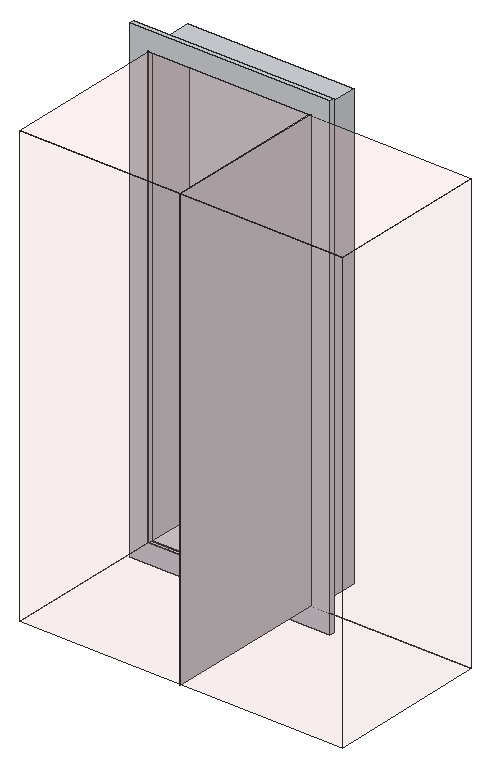
Revit family "Hager-VOLTA-Hollow_wall-IP30-With_Cover-With_DIN-NoHosted-AT-de", category Electrical Equipment, Revit 2023
Family settings
  Panel Configuration = Two Columns, Circuits Across
  Round Connector Dimension = Use Diameter
  Part Type = Panelboard
  Work Plane-Based = Yes
  Always vertical = Yes
  Cut with Voids When Loaded = No
  Maintain Annotation Orientation = No
  Shared = No
  Room Calculation Point = No
Parameters (values of type "VOLTA-Hollow_wall_W348_H880_D98_12_Modular_Spacing-VH60NWB")
  Width Control [instance] = if([HG000006-Unterputz], if([EF000846 - Einbaubreite] > min_whd, [EF000846 - Einbaubreite], min_whd), if([EF000008 - Breite] > min_whd, ([EF000008 - Breite]), min_whd))  # 314.5 mm
  Void Depth [instance] = if([EF000218 - Einbautiefe] > 1 mm, [EF000218 - Einbautiefe], 1 mm)  # 89 mm
  Uniformat code = "D501001"
  Uniformat = "Low Tension Service & Dist."
  Référence = ""
  HGEF0002950-Breite in Teilungseinheiten = 12
  HGEF000266-Anzahl der Reihen = 0
  HG000131 - Functional label [instance] = ""
  HG000130 - Functional name [instance] = ""
  HG000099-Onfly Template ID-de-AT = "507532"
  HG000059-Operating voltage-de-AT [instance] = 230 V
  HG000017-Distanz zwischen den Polen = 18 mm
  HG000016-3D-Türsichtbarkeit = yes
  HG000015-Sichtbarkeit der Türöffnung = yes
  HG000014-Tür rechts = yes
  HG000013-Tür links = no
  HG000012-Türschwenkwinkel = 90.00°
  HG000011-Leere Reihen von unten = no
  HG000010-Asymmetrische Türen = no
  HG000009-Doppelflügeligen Tür = no
  HG000008-Anzahl der leeren Reihen = 0
  HG000007-Anzahl der leeren Spalten = 0
  HG000006-Unterputz = yes
  HG000005-Dicke = 2 mm
  HG000004-Herstellerreferenz = "VH60NWB"
  HG000003-Bereich = "VOLTA"
  HG000002-Mit tür = yes
  HG000001-Anzahl der Spalten = 0
  ETIM class name = "Small distribution board"
  ETIM class code = "EC000214"
  EF015941 - Signaldurchlassende Tür = no
  EF015777 - Neutralleiterklemmenblock = no
  EF015776 - Erdungsklemmenblock = no
  EF009212 - Ausführung Deckel = "mit Ausschnitt"
  EF006306 - Mit Schloss = no
  EF006244 - Transparenter Deckel/Tür = no
  EF005474 - Schutzart (IP) = "IP30"
  EF004464 - Art der Tür = ""
  EF004462 - Art der Schließung = "sonstige"
  EF002950 - Breite in Teilungseinheiten = 12
  EF001596 - Werkstoff des Gehäuses = ""
  EF001134 - DIN-Schiene = yes
  EF001131 - Innentiefe = 0 mm
  EF001088 - Anbaumöglichkeit = yes
  EF001062 - EMV-Ausführung = no
  EF000846 - Einbaubreite = 314.5 mm
  EF000339 - Art der Abdeckung = ""
  EF000332 - Einbauhöhe = 845 mm
  EF000266 - Anzahl der Reihen = 0
  EF000218 - Einbautiefe = 89 mm
  EF000118 - Mit Montageplatte = yes
  EF000116 - RAL-Nummer = 9010
  EF000049 - Tiefe = 98 mm
  EF000040 - Höhe = 880 mm
  EF000024 - UV-beständig = no
  EF000008 - Breite = 348 mm
  EF000007 - Farbe = "weiß"
  EF000003 - Montageart = "Hohlwand"
  Type Comments = ""
  System Height [instance] = Height Control - 2 * [HG000005-Dicke]  # 841 mm
  Reference description = ""
  Reference = "VOLTA-Hollow_wall_W348_H880_D98_12_Modular_Spacing-VH60NWB"
  Panel Name [instance] = ""  # (empty or 0)
  Offset [instance] = 0 mm
  Object type = ""
  Name hager = "ADD_Enclosures_EC000214"
  Name BIM&CO = "Electricity"
  Name = "VOLTA-Hollow_wall-IP30-With_Cover-With_DIN-AT"
  Model = ""
  Level Offset [instance] = [Flush Mounted - Door Frame Width] + Offset  # 35 mm
  HG000060-RAL-number = "9010"
  GTIN (Global Trade Item Number) = ""
  Description = ""
  Default Elevation = 1200 mm
  Creation Date = "12/15/2025 21:42:07"
  Code hager = "ADD-EC000214_EU"
  Code Uniformat = ""
  BIM&CO code = ""
  BC_VARIANT_ID = "1174060"
  BC_OBJECT_VERSION = "#3"  # constant formula
  BC_OBJECT_ID = "513457"  # constant formula
  BC_MODEL_ID = "1547066"  # constant formula
  BC_METADATA = "{\"ObjectGuid\":\"bc35c96e-cb38-443e-833d-0616858cb9ac\",\"ModelGuid\":\"8af03f69-2293-4735-a617-cc53adf55621\",\"VariantGuid\":\"8b6e323b-1b53-409a-a940-11b5a7fc5337\",\"Revision\":\"#4\",\"VariantName\":\"Template-Enclosure_EU-EC000214\"}"
  Arrow Offset [instance] = Depth Control / 8  # 11.125 mm
  Arrow Height [instance] = Depth Control - Arrow Offset  # 77.875 mm
  Host Offset [instance] = if([HG000006-Unterputz], 0 mm, [EF000049 - Tiefe])  # 0 mm
  min_whd [instance] = (2 * [HG000005-Dicke]) + 1 mm  # 5 mm
  Manufacturer = "Hager"  # constant formula
  Height Control [instance] = if([HG000006-Unterputz], if([EF000332 - Einbauhöhe] > min_whd, [EF000332 - Einbauhöhe], min_whd), if([EF000040 - Höhe] > min_whd, ([EF000040 - Höhe]), min_whd))  # 845 mm
  Flush Mounted - Door Frame Width [instance] = if(([EF000040 - Höhe] - [EF000332 - Einbauhöhe]) > 0 mm, if([HG000006-Unterputz], [EF000040 - Höhe] - [EF000332 - Einbauhöhe], 0 mm), 0 mm)  # 35 mm
  Depth Control [instance] = if([HG000006-Unterputz], if([EF000218 - Einbautiefe] > 0 mm, [EF000218 - Einbautiefe], 1 mm), if([EF000049 - Tiefe] > 0 mm, ([EF000049 - Tiefe]), 1 mm))  # 89 mm
Types (13, lengths in mm): name | HGEF000266-Anzahl der Reihen | HG000011-Leere Reihen von unten | HG000008-Anzahl der leeren Reihen | HG000004-Herstellerreferenz | HG000001-Anzahl der Spalten | EF015777 - Neutralleiterklemmenblock | EF015776 - Erdungsklemmenblock | EF009212 - Ausführung Deckel | EF004462 - Art der Schließung | EF001088 - Anbaumöglichkeit | EF000332 - Einbauhöhe | EF000266 - Anzahl der Reihen | EF000118 - Mit Montageplatte | EF000040 - Höhe | EF000007 - Farbe | System Height | Reference | Level Offset | BC_VARIANT_ID | Height Control | Flush Mounted - Door Frame Width
  VOLTA-Hollow_wall_W348_H356_D98_12_Modular_Spacing-VH12AT | 1 | no | 0 | "VH12AT" | 1 | yes | yes | "mit Ausschnitt" | "sonstige" | yes | 321 | 1 | no | 356 | "weiß" | 317 | "VOLTA-Hollow_wall_W348_H356_D98_12_Modular_Spacing-VH12AT" | 35 | "1174048" | 321 | 35
  VOLTA-Hollow_wall_W348_H505_D98_12_Modular_Spacing-VH24AT | 2 | no | 0 | "VH24AT" | 1 | yes | yes | "mit Ausschnitt" | "sonstige" | yes | 470 | 2 | no | 505 | "weiß" | 466 | "VOLTA-Hollow_wall_W348_H505_D98_12_Modular_Spacing-VH24AT" | 35 | "1174049" | 470 | 35
  VOLTA-Hollow_wall_W348_H505_D98_12_Modular_Spacing-VH24NWB | 0 | no | 0 | "VH24NWB" | 0 | no | no | "mit Ausschnitt" | "sonstige" | yes | 470 | 0 | yes | 505 | "weiß" | 466 | "VOLTA-Hollow_wall_W348_H505_D98_12_Modular_Spacing-VH24NWB" | 35 | "1174050" | 470 | 35
  VOLTA-Hollow_wall_W348_H630_D98_12_Modular_Spacing-VH36AT | 3 | no | 0 | "VH36AT" | 1 | yes | yes | "mit Ausschnitt" | "sonstige" | yes | 595 | 3 | no | 630 | "weiß" | 591 | "VOLTA-Hollow_wall_W348_H630_D98_12_Modular_Spacing-VH36AT" | 35 | "1174051" | 595 | 35
  VOLTA-Hollow_wall_W348_H630_D98_12_Modular_Spacing-VH36NWB | 0 | no | 0 | "VH36NWB" | 0 | no | no | "mit Ausschnitt" | "sonstige" | yes | 595 | 0 | yes | 630 | "weiß" | 591 | "VOLTA-Hollow_wall_W348_H630_D98_12_Modular_Spacing-VH36NWB" | 35 | "1174052" | 595 | 35
  VOLTA-Hollow_wall_W348_H755_D98_12_Modular_Spacing-VH48AT | 4 | no | 0 | "VH48AT" | 1 | yes | yes | "mit Ausschnitt" | "sonstige" | yes | 720 | 4 | no | 755 | "weiß" | 716 | "VOLTA-Hollow_wall_W348_H755_D98_12_Modular_Spacing-VH48AT" | 35 | "1174053" | 720 | 35
  VOLTA-Hollow_wall_W348_H755_D98_12_Modular_Spacing-VH48NWB | 0 | no | 0 | "VH48NWB" | 0 | no | no | "mit Ausschnitt" | "sonstige" | yes | 720 | 0 | yes | 755 | "weiß" | 716 | "VOLTA-Hollow_wall_W348_H755_D98_12_Modular_Spacing-VH48NWB" | 35 | "1174054" | 720 | 35
  VOLTA-Hollow_wall_W348_H880_D98_12_Modular_Spacing-VH602NWH | 6 | yes | 4 | "VH602NWH" | 1 | no | no | "" | "" | no | 846 | 6 | no | 880 | "" | 842 | "VOLTA-Hollow_wall_W348_H880_D98_12_Modular_Spacing-VH602NWH" | 34 | "1174055" | 846 | 34
  VOLTA-Hollow_wall_W348_H880_D98_12_Modular_Spacing-VH602WWH | 6 | yes | 4 | "VH602WWH" | 1 | no | no | "" | "" | no | 846 | 6 | no | 880 | "" | 842 | "VOLTA-Hollow_wall_W348_H880_D98_12_Modular_Spacing-VH602WWH" | 34 | "1174056" | 846 | 34
  VOLTA-Hollow_wall_W348_H880_D98_12_Modular_Spacing-VH603NWH | 6 | yes | 3 | "VH603NWH" | 1 | no | no | "" | "" | no | 846 | 6 | no | 880 | "" | 842 | "VOLTA-Hollow_wall_W348_H880_D98_12_Modular_Spacing-VH603NWH" | 34 | "1174057" | 846 | 34
  VOLTA-Hollow_wall_W348_H880_D98_12_Modular_Spacing-VH603WWH | 6 | yes | 3 | "VH603WWH" | 1 | no | no | "" | "" | no | 846 | 6 | no | 880 | "" | 842 | "VOLTA-Hollow_wall_W348_H880_D98_12_Modular_Spacing-VH603WWH" | 34 | "1174058" | 846 | 34
  VOLTA-Hollow_wall_W348_H880_D98_12_Modular_Spacing-VH60AT | 5 | no | 0 | "VH60AT" | 1 | yes | yes | "mit Ausschnitt" | "sonstige" | yes | 845 | 5 | no | 880 | "weiß" | 841 | "VOLTA-Hollow_wall_W348_H880_D98_12_Modular_Spacing-VH60AT" | 35 | "1174059" | 845 | 35
  VOLTA-Hollow_wall_W348_H880_D98_12_Modular_Spacing-VH60NWB | 0 | no | 0 | "VH60NWB" | 0 | no | no | "mit Ausschnitt" | "sonstige" | yes | 845 | 0 | yes | 880 | "weiß" | 841 | "VOLTA-Hollow_wall_W348_H880_D98_12_Modular_Spacing-VH60NWB" | 35 | "1174060" | 845 | 35
Reference planes
  plane 1 "Center (Front/Back)": y = 0
  plane 2: z = 0
  plane 3 "Center (Left/Right)": x = 0
  plane 4: y = 37
  plane 5: y = 89
  plane 6: y = 35
  plane 7: z = 0
  plane 8: x = -157.25
  plane 9: x = 157.25
  plane 10: x = 155.25
  plane 11: x = -155.25
  plane 12: z = 35
  plane 13: z = 37
  plane 14: y = 5
  plane 15: y = 0
  plane 16: y = 87
  plane 17: z = 878
  plane 18: z = 880
  plane 19: z = 457.5
  plane 20: x = 0
  plane 21: y = -100
  plane 22 "Annotation H": y = -300
  plane 23 "Annotation V": x = 357.25
Forms (mm)
  Extrusion 1, solid
    sketch origin (-208.679, -4572, 35) x (-1, 0, 0) y (0, -1, 0)
      loop
        line (-51.429, -4572) -> (-365.929, -4572) -> (-365.929, -4661) -> (-51.429, -4661) -> (-51.429, -4572)
    from 0 to 845 <- "Height Control"
  Extrusion 2, void
    sketch origin (-350.771, 0, 1219.2) x (1, 0, 0) y (0, 0, 1)
      loop
        line (195.521, -341.2) -> (195.521, -1182.2) -> (506.021, -1182.2) -> (506.021, -341.2) -> (195.521, -341.2)
    from 0 to -87
  Extrusion 3, solid, detail levels coarse+medium
    sketch origin (-350.771, 0, 1219.2) x (-1, 0, 0) y (0, 0, 1)
      loop
        line (-195.521, -341.2) -> (-506.021, -341.2) -> (-506.021, -1182.2) -> (-195.521, -1182.2) -> (-195.521, -341.2)
    from 0 to 2 <- "HG000005-Dicke"
Cuts and joins
  Extrusion 2 cuts Extrusion 1
Dimensions and locks
  "Flush Mounted - Door Frame Width": plane 1 "Center (Front/Back)" to plane 6
  "HG000005-Dicke": plane 4 to plane 6
  "HG000005-Dicke": plane 8 to plane 11
  "HG000005-Dicke": plane 9 to plane 10
  equal spacing: plane 8, plane 3 "Center (Left/Right)", plane 9
  "Width Control": plane 8 to plane 9
  locked: plane 14 to plane 15 at 5
  "Host Offset": plane 1 "Center (Front/Back)" to plane 15
  "Depth Control": plane 5 to plane 15
  "HG000005-Dicke": plane 5 to plane 16
  "HG000005-Dicke": plane 13 to plane 12
  "Level Offset": plane 12 to level
  "HG000005-Dicke": plane 18 to plane 17
  "Height Control": plane 18 to plane 12
  "Arrow Offset": plane 5 to nested 4
  equal spacing: plane 18, plane 19, plane 12
  locked: connector elem to plane 19
  locked: connector elem to plane 3 "Center (Left/Right)"
  Extrusion 2 sketch curve to Extrusion 2 sketch curve to plane 9 = 310.5 mm, 2 mm
  locked: plane 9 to plane 23 "Annotation V" at 200
  locked: plane 22 "Annotation H" to plane 1 "Center (Front/Back)" at 300
  aligned and locked: nested 1 to plane 14
  aligned and locked: plane 3 "Center (Left/Right)" to nested 1
  aligned and locked: plane 3 "Center (Left/Right)" to nested 2
  aligned and locked: nested 2 to plane 15
  aligned and locked: plane 5 to Extrusion 1
  aligned and locked: Extrusion 3 sketch curve to plane 17
  aligned and locked: Extrusion 3 sketch curve to plane 11
  aligned and locked: plane 13 to Extrusion 3 sketch curve
  aligned and locked: Extrusion 3 sketch curve to plane 10
  aligned and locked: plane 13 to Extrusion 2 sketch curve
  aligned and locked: Extrusion 2 sketch curve to plane 17
  aligned and locked: plane 16 to Extrusion 2
  aligned and locked: plane 5 to Extrusion 1 sketch curve
  aligned and locked: plane 9 to Extrusion 1 sketch curve
  aligned and locked: plane 8 to Extrusion 1 sketch curve
  aligned and locked: plane 8 to nested 4
  aligned and locked: plane 8 to nested 3
  aligned and locked: nested 3 to plane 5
  aligned and locked: Extrusion 1 sketch curve to plane 15
  aligned and locked: Extrusion 2 to plane 15
  aligned and locked: nested 5 to plane 22 "Annotation H"
  aligned and locked: plane 23 "Annotation V" to nested 5
  aligned and locked: plane 11 to Extrusion 2
  aligned and locked: plane 10 to Extrusion 2
Nested families
  nested 1: "Hager_Enclosure_System" at (0, 5, 37), Height <- "System Height", Width_Control <- "Width Control", Built-in_Width <- "EF000846 - Einbaubreite", Width <- "EF000008 - Breite", Depth <- "HG000005-Dicke", Border <- "HG000005-Dicke", Distance_Between_Poles <- "HG000017-Distanz zwischen den Polen", Flush_Mounted <- "HG000006-Unterputz", Empty_Columns <- "HG000007-Anzahl der leeren Spalten", Total_No_Empty_Rows <- "HG000008-Anzahl der leeren Reihen", Empty_Rows_From_Bottom <- "HG000011-Leere Reihen von unten", Columns_Count <- "HG000001-Anzahl der Spalten", Rows_Count <- "HGEF000266-Anzahl der Reihen", Row_Module_Multiplicator <- "HGEF0002950-Breite in Teilungseinheiten", type "Hager_Enclosure_System", detail levels medium+fine
    with Width_Control 314.5 mm, Width 348 mm, Total_No_Rows 0, Total_No_Empty_Rows 0, Total_No_Columns 1, System_Width 310.5 mm, Rows_Count 0, Rows_Column 0, Row_Module_Multiplicator 12, Panel_4 no, Panel_3 no, Panel_2 no, Panel_1 no, No_Panels_Ctrl 1, Hide_Columns yes, Height 841 mm, Flush_Mounted yes, Empty_Rows_From_Bottom no, Empty_Rows_Column 0, Empty_Columns 0, Empty column 4 0, Empty column 3 0, Empty column 2 0, Empty column 1 0, Distance_Between_Poles 18 mm, Depth 2 mm, Columns_Count 0, Column_Width 310.5 mm, Built-in_Width 314.5 mm, Border 2 mm
  nested 2: "Hager_Enclosure_Door" at (0, 0, 35), Height_Ctrl <- "Height Control", Width_Ctrl <- "Width Control", BuiltIn_Depth <- "EF000218 - Einbautiefe", Depth <- "EF000049 - Tiefe", BuiltIn_Width <- "EF000846 - Einbaubreite", Height <- "EF000040 - Höhe", BuiltIn_Height <- "EF000332 - Einbauhöhe", Width <- "EF000008 - Breite", Transparent <- "EF006244 - Transparenter Deckel/Tür", Border <- "HG000005-Dicke", Door <- "HG000002-Mit tür", Flush_Mounted <- "HG000006-Unterputz", Double <- "HG000009-Doppelflügeligen Tür", Assymetrical <- "HG000010-Asymmetrische Türen", Angle <- "HG000012-Türschwenkwinkel", Door_Left <- "HG000013-Tür links", Door_Right <- "HG000014-Tür rechts", Clearance <- "HG000015-Sichtbarkeit der Türöffnung", 3d_Door <- "HG000016-3D-Türsichtbarkeit", type "Hager_Enclosure_Door", detail levels medium+fine
    with min_wh 5 mm, Width_Ctrl 314.5 mm, Width 348 mm, Transparent_Door_No_Bottom_Border no, Transparent no, Leaf_Width 307.5 mm, Leaf_Tolerance 1.5 mm, Leaf_Height 838 mm, Leaf_2_Width 307.5 mm, Leaf_2_Offset 153.75 mm, Leaf_1_Width 307.5 mm, Leaf_1_Offset 153.75 mm, Height_Ctrl 845 mm, Height 880 mm, Frame_Width_Ctrl 33.5 mm, Frame_Width 33.5 mm, Frame_Internal_Offset 2 mm, Frame_Height_Ctrl 35 mm, Frame_Height 35 mm, Frame_Depth_Ctrl 9 mm, Frame_Depth 9 mm, Flush_Mounted yes, Double_Clearance_Ctrl no, Double no, Door_Right_Ctrl yes, Door_Right yes, Door_Left_Ctrl no, Door_Left no, Door yes, Depth 98 mm, Clearance_Depth 307.5 mm, Clearance_Ctrl yes, Clearance yes, BuiltIn_Width 314.5 mm, BuiltIn_Height 845 mm, BuiltIn_Depth 89 mm, Border 2 mm, Assymetrical no, Angle 90.00°, 3d_Door yes
  nested 3: "Hager_Enclosure_Symbol_Triangle" at (-157.25, 89, 0), Depth <- "Depth Control", Width <- "Width Control", type "Hager_Enclosure_Symbol_Triangle"
    with Width_Ctrl 314.5 mm, Width 314.5 mm, Depth_Ctrl 89 mm, Depth 89 mm
  nested 4: "Hager_Enclosure_Symbol_Arrow" at (-157.25, 77.875, 0), Height <- "Arrow Height", type "Hager_Enclosure_Symbol_Arrow"
    with Width_Inside 5.841 mm, Width 70.087 mm, Height_Ctrl 77.875 mm, Height 77.875 mm
  nested 5: "Hager_Annotation-HG000130" at (357.25, -300, 0), HG000130 - Functional name <- "HG000130 - Functional name", type "Hager_Annotation-HG000130"
    with HG000130 - Functional name ""
Connectors
  electrical at (0, 89, 457.5), driven by "HG000059-Operating voltage-de-AT"
    settings: on plane 5, index 1, voltage 230 V, apparent load 0 VA, apparent load phase1 0 VA, apparent load phase2 0 VA, apparent load phase3 0 VA, power factor 1, load classification "Other", number of poles 1, system type 30, power factor state 1, is connector primary yes, connector utility no, sub classification motor no, connector description ""
Definition of nested family "Hager_Enclosure_Door"
  Parameters (values of type "Hager_Enclosure_Door")
    min_wh [instance] = (2 * Border) + 1 mm  # 11 mm
    Width_Ctrl [instance] = 400 mm
    Width [instance] = 500 mm
    Transparent_Door_No_Bottom_Border [instance] = no
    Transparent [instance] = yes
    Leaf_Width [instance] = if((Width_Ctrl - 2 * Border - 2 * Leaf_Tolerance) > 0 mm, (Width_Ctrl - 2 * Border - 2 * Leaf_Tolerance), min_wh)  # 387 mm
    Leaf_Tolerance [instance] = 1.5 mm  # constant formula
    Leaf_Height [instance] = if((Height_Ctrl - 2 * Border - 2 * Leaf_Tolerance) > 0 mm, (Height_Ctrl - 2 * Border - 2 * Leaf_Tolerance), min_wh)  # 387 mm
    Leaf_2_Width [instance] = if(and(and(Double, Assymetrical), Door_Left), (Leaf_Width / 3) - (Leaf_Tolerance / 2), if(and(and(Double, Assymetrical), Door_Right), (Leaf_Width / 3) * 2 - (Leaf_Tolerance / 2), if(and(Double, not(Assymetrical)), (Leaf_Width / 2) - Leaf_Tolerance, Leaf_Width)))  # 387 mm
    Leaf_2_Offset [instance] = if(and(Double, Assymetrical), Leaf_2_Width / 2, if(and(Double, not(Assymetrical)), Leaf_Width / 4, Leaf_Width / 2))  # 193.5 mm
    Leaf_1_Width [instance] = if(and(and(Double, Assymetrical), Door_Right), (Leaf_Width / 3) - (Leaf_Tolerance / 2), if(and(and(Double, Assymetrical), Door_Left), (Width / 3) * 2 - (Leaf_Tolerance / 2), if(and(Double, not(Assymetrical)), (Leaf_Width / 2) - Leaf_Tolerance, Leaf_Width)))  # 387 mm
    Leaf_1_Offset [instance] = if(and(Double, Assymetrical), Leaf_1_Width / 2, if(and(Double, not(Assymetrical)), Leaf_Width / 4, Leaf_Width / 2))  # 193.5 mm
    Height_Ctrl [instance] = 400 mm
    Height [instance] = 500 mm
    Frame_Width_Ctrl [instance] = if(Frame_Width > 0 mm, Frame_Width, 1 mm)  # 1 mm
    Frame_Width [instance] = Width - BuiltIn_Width  # 0 mm
    Frame_Internal_Offset [instance] = if(Flush_Mounted, Border, 0 mm)  # 5 mm
    Frame_Height_Ctrl [instance] = if(Frame_Height > 0 mm, Frame_Height, 1 mm)  # 1 mm
    Frame_Height [instance] = Height - BuiltIn_Height  # 0 mm
    Frame_Depth_Ctrl [instance] = if(Frame_Depth > 0 mm, Frame_Depth, 1 mm)  # 1 mm
    Frame_Depth [instance] = if(Depth - BuiltIn_Depth > 0 mm, if(Flush_Mounted, Depth - BuiltIn_Depth, 0 mm), 0 mm)  # 0 mm
    Flush_Mounted [instance] = yes
    Double_Clearance_Ctrl [instance] = and(Double, Clearance)  # no
    Double [instance] = no
    Door_Right_Ctrl [instance] = and(or(Door_Right, Double), Door)  # yes
    Door_Right [instance] = yes
    Door_Left_Ctrl [instance] = and(or(Door_Left, Double), Door)  # no
    Door_Left [instance] = no
    Door [instance] = yes
    Depth [instance] = 500 mm
    Default Elevation = 1219.2 mm
    Clearance_Material = none
    Clearance_Depth [instance] = if(Leaf_1_Width > Leaf_2_Width, Leaf_1_Width, Leaf_2_Width)  # 387 mm
    Clearance_Ctrl [instance] = and(not(Double), Clearance)  # yes
    Clearance [instance] = yes
    BuiltIn_Width [instance] = 500 mm
    BuiltIn_Height [instance] = 500 mm
    BuiltIn_Depth [instance] = 500 mm
    Border [instance] = 5 mm
    Assymetrical [instance] = yes
    Angle [instance] = 30.00°
    3d_Door [instance] = yes
  Reference planes
    plane 1 "Center (Front/Back)": y = 0
    plane 2 "Bottom": z = 0
    plane 3 "Center (Left/Right)": x = 0
    plane 4: z = 400
    plane 5: x = -200
    plane 6: x = 200
    plane 7: z = 395
    plane 8: x = -195
    plane 9: z = 5
    plane 10: x = 195
    plane 11: y = 0
    plane 12: z = 6.5
    plane 13: x = -582
    plane 14: y = -387
    plane 15: x = 582
    plane 16: x = 0
    plane 17: x = 0
    plane 18: x = -193.5
    plane 19: x = 193.5
    plane 20: z = 393.5
  Forms (mm)
    Extrusion 1, solid, visible <- "Flush_Mounted"
      sketch origin (0, 0, 0) x (1, 0, 0) y (0, 0, 1)
        loop
          line (195, 5) -> (195, 395) -> (-195, 395) -> (-195, 5) -> (195, 5)
        loop
          line (-201, 401) -> (-201, -1) -> (201, -1) -> (201, 401) -> (-201, 401)
      from 0 to 1 <- "Frame_Depth_Ctrl"
    Extrusion 2, solid, material <- "Clearance_Material", visible <- "Double_Clearance_Ctrl"
      sketch origin (1200, 0, 0) x (1, 0, 0) y (0, 0, -1)
        loop
          line (-1782, -393.5) -> (-618, -393.5) -> (-618, 0) -> (-1782, 0) -> (-1782, -393.5)
      from 0 to -387
  Dimensions and locks
    equal spacing: plane 5, plane 3 "Center (Left/Right)", plane 6
    "Width_Ctrl": plane 5 to plane 6
    "Border": plane 5 to plane 8
    "Border": plane 6 to plane 10
    "Border": plane 9 to level
    "Border": plane 4 to plane 7
    "Height_Ctrl": plane 4 to level
    "Leaf_Tolerance": plane 12 to plane 9
    "Frame_Depth": plane 11 to plane 1 "Center (Front/Back)"
    "Frame_Width_Ctrl": plane 5 to Extrusion 1 sketch curve
    "Frame_Width_Ctrl": plane 6 to Extrusion 1 sketch curve
    "Frame_Width_Ctrl": Extrusion 1 sketch curve to plane 4
    "Frame_Width_Ctrl": plane 2 "Bottom" to Extrusion 1 sketch curve
    "Leaf_1_Offset": plane 18 to plane 16
    "Leaf_2_Offset": plane 17 to plane 19
    "Leaf_1_Width": plane 13 to plane 8
    "Leaf_2_Width": plane 10 to plane 15
    "Clearance_Depth": plane 14 to plane 1 "Center (Front/Back)"
    "Leaf_Tolerance": plane 8 to plane 18
    "Leaf_Tolerance": plane 19 to plane 10
    "Leaf_Tolerance": plane 7 to plane 20
    "Frame_Internal_Offset": plane 5 to Extrusion 1 sketch curve
    "Frame_Internal_Offset": Extrusion 1 sketch curve to plane 2 "Bottom"
    "Frame_Internal_Offset": plane 6 to Extrusion 1 sketch curve
    "Frame_Internal_Offset": plane 4 to Extrusion 1 sketch curve
    aligned and locked: level to plane 2 "Bottom"
    aligned and locked: nested 1 to plane 16
    aligned and locked: nested 2 to plane 17
    aligned and locked: Extrusion 2 to plane 13
    aligned and locked: plane 15 to Extrusion 2
    aligned and locked: Extrusion 2 to plane 14
    aligned and locked: plane 12 to nested 1
    aligned and locked: nested 2 to plane 12
    aligned and locked: Extrusion 2 to plane 11
    aligned and locked: plane 20 to Extrusion 2
    aligned and locked: nested 2 to plane 11
    aligned and locked: nested 1 to plane 11
  Automatic sketch dimensions
    Extrusion 2 sketch curve to level = 0 mm
    plane 5 to Extrusion 2 sketch curve = 382 mm
    plane 6 to Extrusion 2 sketch curve = 382 mm
    Extrusion 2 sketch curve to plane 4 = 6.5 mm
  Nested families
    nested 1: "Hager_Enclosure_Door_Leaf" at (0, 0, 6.5), Width <- "Leaf_1_Width", visible <- "Door_Left_Ctrl", Leaf_Height <- "Leaf_Height", Angle <- "Angle", Depth <- "Border", 3d_Door <- "3d_Door", Transparent <- "Transparent", Clearance Material <- "Clearance_Material", Clearance <- "Clearance_Ctrl", Transparent_Door_No_Bottom_Border <- "Transparent_Door_No_Bottom_Border", type "Hager_Enclosure_Door_Leaf"
      with Width 387 mm, Transparent_Door_No_Bottom_Border no, Transparent_Door_Border_Bottom_Top 25 mm, Transparent_Door_Border 25 mm, Transparent_Ctrl yes, Transparent yes, Standard no, Leaf_Height 387 mm, Glass_Offset 1 mm, Depth 5 mm, Clearance Material none, Clearance yes, Angle_Ctrl 30.00°, Angle 30.00°, 3d_Door yes
    nested 2: "Hager_Enclosure_Door_Leaf" at (0, 0, 6.5) x (-1, 0, 0) z (0, 0, 1), Width <- "Leaf_2_Width", visible <- "Door_Right_Ctrl", Leaf_Height <- "Leaf_Height", Angle <- "Angle", Depth <- "Border", 3d_Door <- "3d_Door", Transparent <- "Transparent", Clearance Material <- "Clearance_Material", Clearance <- "Clearance_Ctrl", Transparent_Door_No_Bottom_Border <- "Transparent_Door_No_Bottom_Border", type "Hager_Enclosure_Door_Leaf"
      with Width 387 mm, Transparent_Door_No_Bottom_Border no, Transparent_Door_Border_Bottom_Top 25 mm, Transparent_Door_Border 25 mm, Transparent_Ctrl yes, Transparent yes, Standard no, Leaf_Height 387 mm, Glass_Offset 1 mm, Depth 5 mm, Clearance Material none, Clearance yes, Angle_Ctrl 30.00°, Angle 30.00°, 3d_Door yes
  Definition of nested family "Hager_Enclosure_Door_Leaf"
    Parameters (values of type "Hager_Enclosure_Door_Leaf")
      Width [instance] = 2000 mm
      Transparent_Door_No_Bottom_Border [instance] = yes
      Transparent_Door_Border_Bottom_Top [instance] = if(Transparent_Door_No_Bottom_Border, 0.1 mm, Transparent_Door_Border)  # 0.1 mm
      Transparent_Door_Border [instance] = if(Transparent_Door_No_Bottom_Border, (Width * 0.12), 25 mm)  # 240 mm
      Transparent_Ctrl [instance] = and(Transparent, [3d_Door])  # yes
      Transparent [instance] = yes
      Standard [instance] = and(not(Transparent), [3d_Door])  # no
      Leaf_Height [instance] = 2720.336 mm
      Glass_Offset [instance] = if((Depth - 10 mm) / 2 > 0 mm, (Depth - 10 mm) / 2, 1 mm)  # 15 mm
      Glass_Material = none
      Depth [instance] = 40 mm
      Default Elevation = 0 mm
      Clearance Material [instance] = none
      Clearance [instance] = yes
      Angle_Ctrl [instance] = if(Angle > 170.00°, 170.00°, Angle)  # 45.00°
      Angle [instance] = 45.00°
      3d_Door [instance] = yes
    Reference planes
      plane 1 "Center (Front/Back)": y = 0
      plane 2: z = 0
      plane 3 "Center (Left/Right)": x = 0
      plane 4: y = 2000
      plane 5: x = -1000
      plane 6: x = 1000
      plane 7: x = -3000
      plane 8: z = 2720.336
      plane 9: z = 0.1
      plane 10: z = 2720.236
      plane 11: x = 760
      plane 12: x = -760
    Forms (mm)
      Extrusion 1, solid, material <- "Clearance Material", visible <- "Clearance"
        sketch origin (0, 0, 0) x (1, 0, 0) y (0, 0, 1)
          loop
            line (-3000, 2720.336) -> (-3000, 0) -> (1000, 0) -> (1000, 2720.336) -> (-3000, 2720.336)
        from 0 to -2000
      Extrusion 2, solid, visible <- "Standard", detail levels medium+fine
        sketch origin (-1000, 0, 0) x (0.707107, 0.707107, 0) y (-0.707107, 0.707107, 0)
          loop
            line (0, -40) -> (2000, -40) -> (2000, 0) -> (0, 0) -> (0, -40)
        from 0 to 2720.336 <- "Leaf_Height"
      Extrusion 3, solid, visible <- "Transparent_Ctrl", detail levels medium+fine
        sketch origin (-1000, 0, 0) x (0.707107, 0.707107, 0) y (-0.707107, 0.707107, 0)
          loop
            line (0, -40) -> (2000, -40) -> (2000, 0) -> (0, 0) -> (0, -40)
        from 0 to 2720.336 <- "Leaf_Height"
      Extrusion 4, void, detail levels medium+fine
        sketch origin (-1000, 0, 0) x (-0.707107, 0.707107, 0) y (0.707107, 0.707107, 0)
          loop
            line (0, 240) -> (0, 1760) -> (-40, 1760) -> (-40, 240) -> (0, 240)
        from -2720.236 to -0.1
      Extrusion 5, solid, material <- "Glass_Material", visible <- "Transparent_Ctrl", detail levels medium+fine
        sketch origin (-1000, 0, 0) x (0.707107, 0.707107, 0) y (-0.707107, 0.707107, 0)
          loop
            line (240, -15) -> (240, -25) -> (1760, -25) -> (1760, -15) -> (240, -15)
        from 0.1 to 2720.236
    Cuts and joins
      Extrusion 4 cuts Extrusion 3
    Lines and regions (mm)
      symbolic lines
        curve 1: line (1000, 0, 0) -> (-3000, 0, 0)
        curve 2: arc (1000, 0, 0) -> (-1000, 2000, 0) -> (-3000, 0, 0) r 2000
        curve 4: line (-1000, 0, 0) -> (414.214, 1414.214, 0)
      reference lines
        curve 3: line (-1000, 0, 0) -> (414.214, 1414.214, 0)
      symbolic lines, detail levels medium+fine
        curve 5: line (414.214, 1414.214, 0) -> (442.498, 1385.929, 0)
        curve 6: line (442.498, 1385.929, 0) -> (-971.716, -28.284, 0)
        curve 7: line (-971.716, -28.284, 0) -> (-1000, 0, 0)
        curve 8: line (-1000, 0, 2720.336) -> (1000, 0, 2720.336)
        curve 9: line (-1000, 0, 0) -> (-1000, 0, 2720.336)
        curve 10: line (1000, 0, 0) -> (-1000, 0, 0)
        curve 11: line (1000, 0, 2720.336) -> (1000, 0, 0)
      symbolic lines, visible <- "Transparent_Ctrl", detail levels medium+fine
        curve 12: line (-760, 0, 2720.236) -> (760, 0, 2720.236)
        curve 13: line (-760, 0, 0.1) -> (-760, 0, 2720.236)
        curve 14: line (760, 0, 0.1) -> (-760, 0, 0.1)
        curve 15: line (760, 0, 2720.236) -> (760, 0, 0.1)
    Dimensions and locks
      "Width": plane 1 "Center (Front/Back)" to plane 4
      equal spacing: plane 5, plane 3 "Center (Left/Right)", plane 6
      "Width": plane 5 to plane 6
      "Width": plane 7 to plane 5
      "Leaf_Height": plane 8 to level
      "Depth": curve 6 to curve 3
      "Width": curve 5 to curve 3
      "Width": curve 3 to curve 3
      "Transparent_Door_Border": Extrusion 4 sketch curve to curve 7
      "Transparent_Door_Border": Extrusion 4 sketch curve to curve 5
      "Transparent_Door_Border_Bottom_Top": plane 8 to plane 10
      "Transparent_Door_Border_Bottom_Top": plane 9 to level
      "Glass_Offset": Extrusion 5 sketch curve to curve 4
      "Glass_Offset": Extrusion 5 sketch curve to curve 6
      "Transparent_Door_Border": Extrusion 5 sketch curve to curve 5
      "Transparent_Door_Border": Extrusion 5 sketch curve to curve 7
      "Transparent_Door_Border": plane 12 to plane 5
      "Transparent_Door_Border": plane 6 to plane 11
      "Angle_Ctrl": angle plane 1 "Center (Front/Back)" to curve 3
      aligned and locked: level to plane 2
      aligned and locked: Extrusion 1 to curve 1
      aligned and locked: plane 6 to Extrusion 1
      aligned and locked: Extrusion 1 to plane 1 "Center (Front/Back)"
      aligned and locked: plane 4 to Extrusion 1
      aligned and locked: plane 8 to Extrusion 1
      aligned and locked: curve 4 to curve 3
      aligned and locked: Extrusion 2 sketch curve to curve 7
      aligned and locked: Extrusion 2 sketch curve to curve 6
      aligned and locked: Extrusion 2 sketch curve to curve 5
      aligned and locked: Extrusion 2 sketch curve to curve 3
      aligned and locked: curve 7 to Extrusion 3 sketch curve
      aligned and locked: Extrusion 3 sketch curve to curve 4
      aligned and locked: Extrusion 3 sketch curve to curve 6
      aligned and locked: Extrusion 3 sketch curve to curve 5
      aligned and locked: curve 4 to Extrusion 4 sketch curve
      aligned and locked: curve 6 to Extrusion 4 sketch curve
      aligned and locked: Extrusion 4 to plane 9
      aligned and locked: Extrusion 4 to plane 10
      aligned and locked: Extrusion 5 to plane 9
      aligned and locked: Extrusion 5 to plane 10
      aligned and locked: curve 8 to plane 8
      aligned and locked: plane 5 to curve 9
      aligned and locked: plane 2 to curve 10
      aligned and locked: curve 11 to plane 6
      aligned and locked: plane 10 to curve 12
      aligned and locked: plane 12 to curve 13
      aligned and locked: curve 14 to plane 9
      aligned and locked: plane 11 to curve 15
    Automatic sketch dimensions
      plane 1 "Center (Front/Back)" to curve 2 = 0 mm
      curve 2 to plane 5 = 0 mm
      Extrusion 1 sketch curve to level = 0 mm
      Extrusion 1 sketch curve to plane 7 = 0 mm
      Extrusion 1 sketch curve to plane 6 = 0 mm
      Extrusion 1 sketch curve to plane 8 = 0 mm
      plane 1 "Center (Front/Back)" to curve 3 = 0 mm
      curve 3 to plane 5 = 0 mm
      curve 7 to curve 3 = 0 mm
Definition of nested family "Hager_Enclosure_Symbol_Triangle"
  Parameters (values of type "Hager_Enclosure_Symbol_Triangle")
    Width_Ctrl [instance] = if(Width > 1 mm, Width, 1 mm)  # 498 mm
    Width [instance] = 498 mm
    Depth_Ctrl [instance] = if(Depth > 1 mm, Depth, 1 mm)  # 72 mm
    Depth [instance] = 72 mm
  Reference planes
    plane 1 "Centre (avant/arrière)": y = 0
    plane 2: z = 0
    plane 3 "Centre (gauche/droite)": x = 0
  Lines and regions (mm)
    Filled region 1, type "Solid_Black", in view "Niveau de réf."
      outline origin (0, 0, 0) x (1, 0, 0) y (0, 1, 0)
        loop
          line (0, 0) -> (498, 0) -> (498, 72) -> (0, 0)
    reference lines, in view "Niveau de réf."
      curve 1: line (-206.153, 72, 0) -> (1083.258, 72, 0)
      curve 2: line (498, 405.456, 0) -> (498, -517.619, 0)
  Dimensions and locks
    "Depth_Ctrl": plane 1 "Centre (avant/arrière)" to curve 1
    "Width_Ctrl": plane 3 "Centre (gauche/droite)" to curve 2
    aligned and locked: curve 1 to Filled region 1 sketch curve
    aligned and locked: Filled region 1 sketch curve to plane 1 "Centre (avant/arrière)"
    aligned and locked: curve 2 to Filled region 1 sketch curve
    aligned and locked: plane 3 "Centre (gauche/droite)" to Filled region 1 sketch curve
    aligned and locked: plane 1 "Centre (avant/arrière)" to Filled region 1 sketch curve
  Automatic sketch dimensions
    curve 1 to plane 3 "Centre (gauche/droite)" = 206.153 mm
    curve 2 to curve 1 = 585.258 mm
    plane 1 "Centre (avant/arrière)" to curve 2 = 517.619 mm
    curve 2 to plane 1 "Centre (avant/arrière)" = 405.456 mm
Definition of nested family "Hager_Enclosure_Symbol_Arrow"
  Parameters (values of type "Hager_Enclosure_Symbol_Arrow")
    Width_Inside [instance] = if(Width / 12 > 2 mm, Width / 12, 2 mm)  # 4.987 mm
    Width [instance] = if(Height_Ctrl * 0.9 > 2 mm, Height_Ctrl * 0.9, 2 mm)  # 59.85 mm
    Height_Ctrl [instance] = if(Height > 2 mm, Height, 2 mm)  # 66.5 mm
    Height [instance] = 66.5 mm
  Reference planes
    plane 1 "Centre (avant/arrière)": y = 0
    plane 2: z = 0
    plane 3 "Centre (gauche/droite)": x = 0
    plane 4: x = 59.85
    plane 5: y = 28.263
    plane 6: y = 38.238
    plane 7: y = 66.5
    plane 8: x = 29.925
    plane 9: y = 33.25
  Lines and regions (mm)
    Filled region 1, type "Solid_Black", in view "Niveau de réf."
      outline origin (0, 0, 0) x (1, 0, 0) y (0, 1, 0)
        loop
          line (59.85, 66.5) -> (37.929, 52.827) -> (51.846, 41.935) -> (59.85, 66.5)
    detail lines, in view "Niveau de réf."
      curve 1: line (0, 0, 0) -> (29.925, 38.238, 0)
      curve 2: line (29.925, 38.238, 0) -> (29.925, 28.263, 0)
      curve 3: line (29.925, 28.263, 0) -> (59.85, 66.5, 0)
  Dimensions and locks
    "Width": plane 3 "Centre (gauche/droite)" to plane 4
    "Height_Ctrl": plane 7 to plane 1 "Centre (avant/arrière)"
    equal spacing: plane 3 "Centre (gauche/droite)", plane 8, plane 4
    equal spacing: plane 7, plane 9, plane 1 "Centre (avant/arrière)"
    equal spacing: plane 6, plane 9, plane 5
    "Width_Inside": plane 6 to plane 9
    equal spacing: curve 3, Filled region 1 sketch curve, Filled region 1 sketch curve
    angle Filled region 1 sketch curve to curve 3 = 20.00°
    angle curve 3 to Filled region 1 sketch curve = 20.00°
    locked: curve 3 to Filled region 1 sketch curve (angle 90.00°)
  Automatic sketch dimensions
    plane 1 "Centre (avant/arrière)" to curve 1 = 0 mm
    curve 1 to plane 3 "Centre (gauche/droite)" = 0 mm
    curve 2 to plane 6 = 0 mm
    curve 3 to plane 8 = 0 mm
    curve 3 to plane 4 = 0 mm
    curve 2 to plane 5 = 0 mm
    curve 3 to plane 7 = 0 mm
    Filled region 1 sketch curve to plane 4 = 0 mm
    Filled region 1 sketch curve to plane 7 = 0 mm
Definition of nested family "Hager_Annotation-HG000130"
  Parameters (values of type "Hager_Annotation-HG000130")
    HG000130 - Functional name [instance] = ""
  Reference planes
    plane 1: y = 0
    plane 2: x = 0
  Lines and regions (mm)
    detail lines
      curve 1: line (-27.5, 10, 0) -> (27.5, 10, 0)
      curve 2: line (-27.5, -10, 0) -> (-27.5, 10, 0)
      curve 3: line (27.5, -10, 0) -> (-27.5, -10, 0)
      curve 4: line (27.5, 10, 0) -> (27.5, -10, 0)
  Text (mm)
    label "HG000130 - Functional name" at (0.16, 0.026, 0), shows "HG000130 - Functional name"
